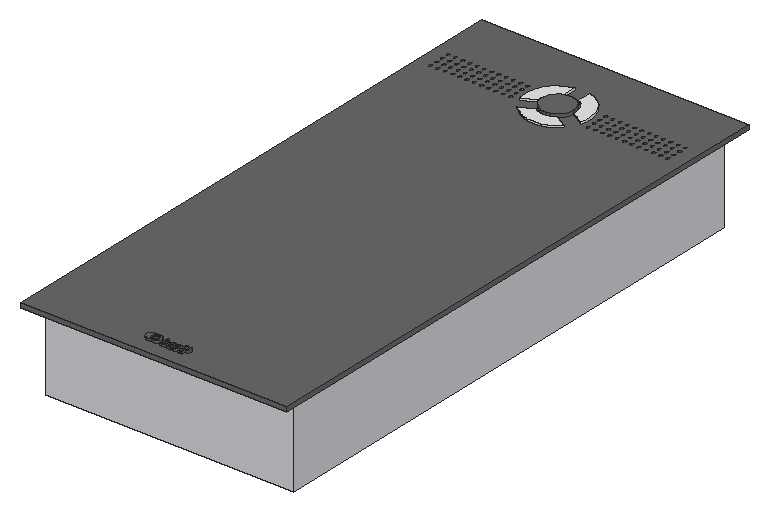
Revit family "AA-14FBS", category Устройства связи, Revit 2020
Family settings
  Сохранять ориентацию аннотаций = Нет
  Размер круглого соединителя = Использовать диаметр
  Тип детали = Нормальный
  На основе рабочей плоскости = Да
  Всегда вертикально = Нет
  При загрузке вырезать с полостями = Нет
  Общий = Да
  Точка расчета площади = Нет
Parameters (values of type "AA-14FBS")
  Цветовое решение = "Золото, серебро, черный"
  Угол обзора = "По горизонтали 110°"
  Тип установки = "Врезная, накладная с BR-AA"
  Тип панели = "Многоквартирная"
  Тип клавиатуры = "Сенсорная"
  Температурный режим = "-40 ... +65 °С"
  Режим разговора = "Двухсторонний"
  Разрешение камеры = "2 Мп"
  Размер самой панели = "185×400×45 мм"
  Размер под установку (кронштейна) = "172×373×58 мм"
  Потребление питания = "6,5 Вт, в режиме ожидания – 3,6 Вт"
  Питание = "+12 В DC"
  Default Elevation = 0 mm
  Открытие замка = "С помощью монитора, Идентификация с распознаванием лиц, По QR-коду, По гостевой ссылке, По PIN-коду, По карте доступа, По номерным знакам, Приложение BAS-IP Link, Приложение BAS-IP Intercom, Приложение BAS-IP UKEY, Из API"
  Description = ""
  Ночная подсветка = "6 светодиодов"
  Минимальная освещенность = "0,01 LuX"
  Корпус = "Алюминий"
  Контроль доступа = "Распознавание лиц, UKEY (EM-Marin / MIFARE® / NFC / Bluetooth), Многофакторная аутентификация"
  Количество мелодий вызова = "4 полифонические мелодии, возможность настройки"
  Кнопки быстрого вызова = "Кнопка вызова консьержа"
  Класс степени защиты = "IP65"
  Камера = "1/4”"
  Интерфейс = "Многоязычный графическийи WEB-интерфейс"
  Интеграция со СКУД = "Выход WIEGAND-26+"
  Изображение типоразмера = <Нет>
  Изготовитель = "BAS-IP"
  Дополнительно = "Поддержка ПО Link, SIP P2P, Встроенное реле, Датчик приближения, API"
  Дисплей = "10, IPS, цветная с подсветкой и подогревом"
  Model = ""
  Выходное видео = "Full HD (1920х1080), H.264 Main Profile"
  Аутентификация = "Отдельный пароль для настроек WEB-интерфейса"
  URL = "https://www.bas-ip.ru"
  IK-код = "IK06"
  Email разработчика семейства = "lytvynchukartur@gmail.com"
  ADSK_Примечание = ""
  ADSK_Позиция = ""
  ADSK_Обозначение = ""
  ADSK_Номинальная мощность = 6.5 W
  ADSK_Напряжение = 12 V
  ADSK_Наименование краткое = ""
  ADSK_Наименование = "ВЫЗЫВНАЯ ПАНЕЛЬ AA-14FBS"
  ADSK_Масса_Текст = ""
  ADSK_Марка = "AA-14FBS"
  ADSK_Количество фаз = 1
  ADSK_Код изделия = ""
  ADSK_Классификация нагрузок = Вызывная панель
  ADSK_Зона = ""
  ADSK_Завод-изготовитель = "BAS-IP"
  ADSK_Единица измерения = "шт."
  ADSK_Версия Revit = "Revit 2020"
  ADSK_URL страницы изделия = "https://bas-ip.com/hardware/aa-14fbs/"
  ADSK_URL документации изделия = "https://cdn.bas-ip.com/files/Manuals/AA-14FBS_manual.pdf"
Reference planes
  plane 1 "По центру (Вперед/Назад)": y = 0
  plane 2: z = 0
  plane 3 "По центру (Влево/Вправо)": x = 0
  plane 4: z = 3
  plane 5 "Плоскость для коннекторов": z = -58
Forms (mm)
  Extrusion 1, solid, detail levels medium+fine
    sketch origin (0, 0, -2.742) x (1, 0, 0) y (0, 1, 0)
      loop
        line (-86, 187) -> (-86, -186) -> (86, -186) -> (86, 187) -> (-86, 187)
    from -55.258 to 2.742
  Extrusion 2, solid, material "Материал черный", detail levels medium+fine
    sketch origin (0, 0, 52) x (1, 0, 0) y (0, 1, 0)
      loop
        line (-92.5, 200) -> (-92.5, -200) -> (92.5, -200) -> (92.5, 200) -> (-92.5, 200)
      loop
        circle (-26.978, 148.234) r 1
      loop
        circle (-26.978, 153.234) r 1
      loop
        circle (-26.978, 158.234) r 1
      loop
        circle (-26.978, 143.234) r 1
      loop
        circle (-32.007, 148.234) r 1
      loop
        circle (-32.007, 153.234) r 1
      loop
        circle (-32.007, 158.234) r 1
      loop
        circle (-32.007, 143.234) r 1
      loop
        circle (-37.036, 148.234) r 1
      loop
        circle (-37.036, 153.234) r 1
      loop
        circle (-37.036, 158.234) r 1
      loop
        circle (-37.036, 143.234) r 1
      loop
        circle (-42.065, 148.234) r 1
      loop
        circle (-42.065, 153.234) r 1
      loop
        circle (-42.065, 158.234) r 1
      loop
        circle (-42.065, 143.234) r 1
      loop
        circle (-47.094, 148.234) r 1
      loop
        circle (-47.094, 153.234) r 1
      loop
        circle (-47.094, 158.234) r 1
      loop
        circle (-47.094, 143.234) r 1
      loop
        circle (-52.123, 148.234) r 1
      loop
        circle (-52.123, 153.234) r 1
      loop
        circle (-52.123, 158.234) r 1
      loop
        circle (-52.123, 143.234) r 1
      loop
        circle (-57.152, 148.234) r 1
      loop
        circle (-57.152, 153.234) r 1
      loop
        circle (-57.152, 158.234) r 1
      loop
        circle (-57.152, 143.234) r 1
      loop
        circle (-62.181, 148.234) r 1
      loop
        circle (-62.181, 153.234) r 1
      loop
        circle (-62.181, 158.234) r 1
      loop
        circle (-62.181, 143.234) r 1
      loop
        circle (-67.21, 148.234) r 1
      loop
        circle (-67.21, 153.234) r 1
      loop
        circle (-67.21, 158.234) r 1
      loop
        circle (-67.21, 143.234) r 1
      loop
        circle (-72.239, 148.234) r 1
      loop
        circle (-72.239, 153.234) r 1
      loop
        circle (-72.239, 158.234) r 1
      loop
        circle (-72.239, 143.234) r 1
      loop
        circle (-77.268, 148.234) r 1
      loop
        circle (-77.268, 153.234) r 1
      loop
        circle (-77.268, 158.234) r 1
      loop
        circle (-77.268, 143.234) r 1
      loop
        circle (-82.297, 148.234) r 1
      loop
        circle (-82.297, 153.234) r 1
      loop
        circle (-82.297, 158.234) r 1
      loop
        circle (-82.297, 143.234) r 1
      loop
        circle (26.978, 148.234) r 1
      loop
        circle (26.978, 153.234) r 1
      loop
        circle (26.978, 158.234) r 1
      loop
        circle (26.978, 143.234) r 1
      loop
        circle (32.007, 148.234) r 1
      loop
        circle (32.007, 153.234) r 1
      loop
        circle (32.007, 158.234) r 1
      loop
        circle (32.007, 143.234) r 1
      loop
        circle (37.036, 148.234) r 1
      loop
        circle (37.036, 153.234) r 1
      loop
        circle (37.036, 158.234) r 1
      loop
        circle (37.036, 143.234) r 1
      loop
        circle (42.065, 148.234) r 1
      loop
        circle (42.065, 153.234) r 1
      loop
        circle (42.065, 158.234) r 1
      loop
        circle (42.065, 143.234) r 1
      loop
        circle (47.094, 148.234) r 1
      loop
        circle (47.094, 153.234) r 1
      loop
        circle (47.094, 158.234) r 1
      loop
        circle (47.094, 143.234) r 1
      loop
        circle (52.123, 148.234) r 1
      loop
        circle (52.123, 153.234) r 1
      loop
        circle (52.123, 158.234) r 1
      loop
        circle (52.123, 143.234) r 1
      loop
        circle (57.152, 148.234) r 1
      loop
        circle (57.152, 153.234) r 1
      loop
        circle (57.152, 158.234) r 1
      loop
        circle (57.152, 143.234) r 1
      loop
        circle (62.181, 148.234) r 1
      loop
        circle (62.181, 153.234) r 1
      loop
        circle (62.181, 158.234) r 1
      loop
        circle (62.181, 143.234) r 1
      loop
        circle (67.21, 148.234) r 1
      loop
        circle (67.21, 153.234) r 1
      loop
        circle (67.21, 158.234) r 1
      loop
        circle (67.21, 143.234) r 1
      loop
        circle (72.239, 148.234) r 1
      loop
        circle (72.239, 153.234) r 1
      loop
        circle (72.239, 158.234) r 1
      loop
        circle (72.239, 143.234) r 1
      loop
        circle (77.268, 148.234) r 1
      loop
        circle (77.268, 153.234) r 1
      loop
        circle (77.268, 158.234) r 1
      loop
        circle (77.268, 143.234) r 1
      loop
        circle (82.297, 148.234) r 1
      loop
        circle (82.297, 153.234) r 1
      loop
        circle (82.297, 158.234) r 1
      loop
        circle (82.297, 143.234) r 1
    from -52 to -49
  Extrusion 3, solid, material "Материал белый", detail levels medium+fine
    sketch origin (-195, -1, 53) x (1, 0, 0) y (0, 1, 0)
      loop
        arc (178.946, 136.355) -> (195, 129.397) -> (211.054, 136.355) r 22
        line (211.054, 136.355) -> (202.422, 141.339)
        arc (202.422, 141.339) -> (195, 138.897) -> (187.578, 141.339) r 12.5
        line (187.578, 141.339) -> (178.946, 136.355)
      loop
        line (190, 162.854) -> (190, 172.822)
        arc (190, 172.822) -> (175.947, 162.397) -> (173.946, 145.015) r 22
        line (173.946, 145.015) -> (182.578, 149.999)
        arc (182.578, 149.999) -> (184.175, 157.647) -> (190, 162.854) r 12.5
      loop
        arc (200, 162.854) -> (205.825, 157.647) -> (207.422, 149.999) r 12.5
        line (207.422, 149.999) -> (216.054, 145.015)
        arc (216.054, 145.015) -> (214.053, 162.397) -> (200, 172.822) r 22
        line (200, 172.822) -> (200, 162.854)
    from -52 to -49
  Extrusion 4, solid, material "Материал черный", detail levels medium+fine
    sketch origin (-347.374, -2.563, 53) x (1, 0, 0) y (0, 1, 0)
      loop
        line (355.91, -186.947) -> (356.876, -186.947) -> (356.876, -179.913) -> (355.91, -179.913) -> (355.91, -186.947)
      loop
        line (357.377, -186.947) -> (358.377, -186.947) -> (358.377, -184.451)
        arc (358.377, -184.451) -> (361.041, -182.66) -> (359.379, -179.913) r 2.326
        line (359.379, -179.913) -> (357.377, -179.913) -> (357.377, -186.947)
      loop
        arc (358.377, -183.451) -> (360.221, -182.217) -> (358.377, -180.983) r 1.335
        line (358.377, -180.983) -> (358.377, -183.451)
      loop
        line (342.946, -179.913) -> (342.946, -186.947) -> (344.968, -186.947)
        spline (344.968, -186.947) -> (345.634, -186.72) -> (346.221, -186.353) -> (346.689, -185.871) -> (347.005, -185.307) -> (347.148, -184.699) -> (347.109, -184.089) -> (346.89, -183.519) -> (346.506, -183.026) -> (345.984, -182.646) -> (345.358, -182.403) -> (344.672, -182.314) -> (343.972, -182.385)
        line (343.972, -182.385) -> (343.972, -179.913) -> (342.946, -179.913)
      loop
        line (343.972, -183.426) -> (343.972, -185.927) -> (345.157, -185.927)
        spline (345.157, -185.927) -> (345.542, -185.692) -> (345.86, -185.388) -> (346.09, -185.036) -> (346.217, -184.659) -> (346.23, -184.283) -> (346.13, -183.934) -> (345.923, -183.636) -> (345.624, -183.408) -> (345.252, -183.267) -> (344.834, -183.222) -> (344.397, -183.276) -> (343.972, -183.426)
      loop
        line (354.371, -183.077) -> (354.371, -182.08)
        arc (354.371, -182.08) -> (353.527, -181.636) -> (352.582, -181.765) r 1.562
        arc (352.582, -181.765) -> (351.902, -182.393) -> (351.698, -183.296) r 1.562
        arc (351.698, -183.296) -> (352.118, -184.311) -> (353.134, -184.732) r 1.436
        arc (353.134, -184.732) -> (353.678, -184.957) -> (353.903, -185.501) r 0.769
        arc (353.903, -185.501) -> (353.519, -186.167) -> (352.749, -186.167) r 0.769
        line (352.749, -186.167) -> (351.665, -185.976) -> (351.665, -186.777) -> (353.173, -187.043)
        arc (353.173, -187.043) -> (354.539, -185.977) -> (354.178, -184.282) r 1.634
        line (354.178, -184.282) -> (353.112, -183.956)
        arc (353.112, -183.956) -> (352.563, -183.005) -> (353.595, -182.629) r 0.717
        line (353.595, -182.629) -> (354.371, -183.077)
      loop
        line (350.666, -186.947) -> (350.666, -182.599)
        arc (350.666, -182.599) -> (349.304, -181.597) -> (347.682, -182.073) r 1.905
        arc (347.682, -182.073) -> (347.604, -182.585) -> (348.086, -182.774) r 0.415
        arc (348.086, -182.774) -> (349.009, -182.264) -> (349.931, -182.774) r 1.09
        line (349.931, -182.774) -> (349.931, -183.578) -> (348.501, -183.578)
        arc (348.501, -183.578) -> (347.388, -185.155) -> (348.105, -186.947) r 2.022
        line (348.105, -186.947) -> (350.666, -186.947)
      loop
        line (349.931, -185.927) -> (349.931, -184.364) -> (348.861, -184.364)
        arc (348.861, -184.364) -> (348.08, -185.146) -> (348.861, -185.927) r 0.781
        line (348.861, -185.927) -> (349.931, -185.927)
      loop
        spline (337.212, -183.2) -> (337.246, -183.454) -> (337.345, -183.691) -> (337.502, -183.894) -> (337.707, -184.05) -> (337.946, -184.149) -> (338.203, -184.182) -> (338.459, -184.149) -> (338.698, -184.05) -> (338.903, -183.894) -> (339.061, -183.691) -> (339.159, -183.454) -> (339.193, -183.2)
        spline (339.193, -183.2) -> (339.159, -182.946) -> (339.061, -182.709) -> (338.903, -182.505) -> (338.698, -182.349) -> (338.459, -182.251) -> (338.203, -182.218) -> (337.946, -182.251) -> (337.707, -182.349) -> (337.502, -182.505) -> (337.345, -182.709) -> (337.246, -182.946) -> (337.212, -183.2)
      loop
        spline (336.121, -183.2) -> (336.192, -183.734) -> (336.4, -184.232) -> (336.731, -184.659) -> (337.162, -184.987) -> (337.664, -185.193) -> (338.203, -185.264) -> (338.741, -185.193) -> (339.243, -184.987) -> (339.674, -184.659) -> (340.005, -184.232) -> (340.213, -183.734) -> (340.284, -183.2)
        spline (340.284, -183.2) -> (340.213, -182.666) -> (340.005, -182.168) -> (339.674, -181.741) -> (339.243, -181.413) -> (338.741, -181.206) -> (338.203, -181.136) -> (337.664, -181.206) -> (337.162, -181.413) -> (336.731, -181.741) -> (336.4, -182.168) -> (336.192, -182.666) -> (336.121, -183.2)
      loop
        spline (334.697, -183.2) -> (334.817, -184.089) -> (335.167, -184.917) -> (335.724, -185.628) -> (336.45, -186.173) -> (337.295, -186.516) -> (338.203, -186.633) -> (339.11, -186.516) -> (339.955, -186.173) -> (340.681, -185.628) -> (341.238, -184.917) -> (341.589, -184.089) -> (341.708, -183.2)
        spline (341.708, -183.2) -> (341.589, -182.311) -> (341.238, -181.483) -> (340.681, -180.772) -> (339.955, -180.226) -> (339.11, -179.883) -> (338.203, -179.766) -> (337.295, -179.883) -> (336.45, -180.226) -> (335.724, -180.772) -> (335.167, -181.483) -> (334.817, -182.311) -> (334.697, -183.2)
    from -52 to -49
  Extrusion 5, solid, material "Материал черный", detail levels medium+fine
    sketch origin (-377.374, -2.563, 53) x (1, 0, 0) y (0, 1, 0)
      loop
        spline (366.353, -186.117) -> (365.878, -185.77) -> (365.47, -185.35) -> (365.139, -184.869) -> (364.896, -184.34) -> (364.747, -183.778) -> (364.697, -183.2) -> (364.747, -182.622) -> (364.896, -182.06) -> (365.139, -181.531) -> (365.47, -181.05) -> (365.878, -180.63) -> (366.353, -180.283)
        spline (366.353, -180.283) -> (365.205, -179.836) -> (363.969, -179.807) -> (362.8, -180.199) -> (361.843, -180.965) -> (361.216, -182.008) -> (360.998, -183.2) -> (361.216, -184.391) -> (361.843, -185.435) -> (362.8, -186.201) -> (363.969, -186.593) -> (365.205, -186.564) -> (366.353, -186.117)
    from -52 to -49
  Extrusion 6, solid, material "Материал черный", detail levels medium+fine
    sketch origin (-195, -1, 53) x (1, 0, 0) y (0, 1, 0)
      loop
        circle (195, 151.397) r 11
    from -52 to -48
Lines and regions (mm)
  Split face 1
    outline origin (0, 0, 3) x (1, 0, 0) y (0, 1, 0)
      loop
        line (-92.5, -171) -> (92.5, -171)
      loop
        line (-92.5, 110) -> (92.5, 110)
  Split face 2
    outline origin (0, 0, 3) x (1, 0, 0) y (0, 1, 0)
      loop
        line (-72, 91) -> (-72, -149) -> (72, -149) -> (72, 91) -> (-72, 91)
Dimensions and locks
  aligned and locked: level to plane 2
Connectors
  electrical at (0, -0.013, -58)
    settings: on plane 5 "Плоскость для коннекторов", index 4, voltage 0 V, apparent load 0 VA, apparent load phase1 0 VA, apparent load phase2 0 VA, apparent load phase3 0 VA, power factor 1, load classification "Прочее", number of poles 1, system type 13, power factor state 1, is connector primary yes, connector utility no, sub classification motor no, connector description "Должны быть подведены провода для подключения замка и дополнительных модулей"
  electrical at (-19.5, -0.013, -58)
    settings: on plane 5 "Плоскость для коннекторов", index 5, voltage 0 V, apparent load 0 VA, apparent load phase1 0 VA, apparent load phase2 0 VA, apparent load phase3 0 VA, power factor 1, load classification "Прочее", number of poles 1, system type 5, power factor state 1, is connector primary no, connector utility no, sub classification motor no, connector description "Кабель Ethernet UTP cat5"
  electrical at (19.5, -0.013, -58), driven by "ADSK_Количество фаз", driven by "ADSK_Классификация нагрузок", driven by "ADSK_Напряжение"
    settings: on plane 5 "Плоскость для коннекторов", index 6, voltage 12 V, apparent load 6.5 VA, apparent load phase1 0 VA, apparent load phase2 0 VA, apparent load phase3 0 VA, power factor 0.9, load classification "Вызывная панель", number of poles 1, system type 30, power factor state 1, is connector primary no, connector utility no, sub classification motor no, connector description "Блок питания на +12 Вольт, 2 Ампера"
